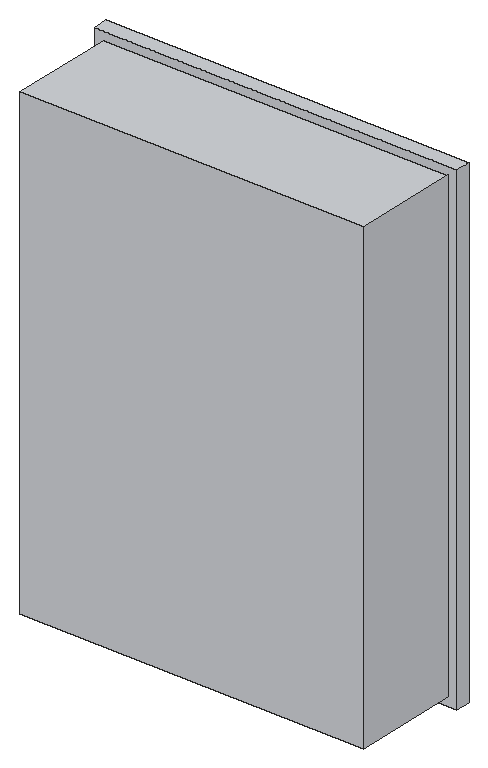
Revit family "Delta Compact Quad", category Electrical Equipment, Revit 2013
Parameters
  Width 2 = Width - 20 mm  # 360 mm
  Width = 380 mm
  Up [instance] = yes
  Symbol Positive Direction [instance] = yes
  Symbol Offset Side [instance] = 0 mm
  Reference Line Out [instance] = 50 mm
  Symbol Offset Out [instance] = 0 mm
  Material = none
  Height 1 = Height - 18 mm  # 490 mm
  Height = 508 mm
  Down [instance] = not(Up)  # no
  Depth = 110 mm
Reference planes
  plane 1 "Center (Front/Back)": y = 0
  plane 2: z = 0
  plane 3 "Center (Left/Right)": x = 0
  plane 4: y = 15
  plane 5: y = -110
  plane 6: x = -190
  plane 7: x = 190
  plane 8: x = -180
  plane 9: x = 180
  plane 10: z = 254
  plane 11: z = -254
  plane 12: z = 245
  plane 13: z = -245
Forms (mm)
  Extrusion 1, solid, material <- "Material"
    sketch origin (0, 0, 0) x (1, 0, 0) y (0, 1, 0)
      loop
        line (-190, 15) -> (-190, 0) -> (190, 0) -> (190, 15) -> (-190, 15)
    from -254 to 254
  Extrusion 2, solid, material <- "Material"
    sketch origin (0, 0, 0) x (1, 0, 0) y (0, 0, 1)
      loop
        line (-180, 245) -> (-180, -245) -> (180, -245) -> (180, 245) -> (-180, 245)
    from 0 to 110
Lines and regions (mm)
  model lines, style "InvisibleLines"
    curve 1: line (0, 0, 0) -> (0, 50, 0)
Dimensions and locks
  equal spacing: plane 6, plane 3 "Center (Left/Right)", plane 7
  locked: plane 4 to plane 1 "Center (Front/Back)" at 15
  "Width": plane 6 to plane 7
  equal spacing: plane 8, plane 3 "Center (Left/Right)", plane 9
  "Width 2": plane 8 to plane 9
  equal spacing: plane 10, plane 2, plane 11
  "Height": plane 10 to plane 11
  equal spacing: plane 12, plane 2, plane 13
  "Height 1": plane 12 to plane 13
  "Depth": plane 5 to plane 1 "Center (Front/Back)"
  "Reference Line Out": plane 1 "Center (Front/Back)" to curve 1
  aligned and locked: level to plane 2
  aligned and locked: Extrusion 1 sketch curve to plane 4
  aligned and locked: plane 6 to Extrusion 1 sketch curve
  aligned and locked: Extrusion 1 sketch curve to plane 1 "Center (Front/Back)"
  aligned and locked: Extrusion 1 sketch curve to plane 7
  aligned and locked: plane 10 to Extrusion 1
  aligned and locked: Extrusion 1 to plane 11
  aligned and locked: Extrusion 2 sketch curve to plane 12
  aligned and locked: plane 8 to Extrusion 2 sketch curve
  aligned and locked: plane 13 to Extrusion 2 sketch curve
  aligned and locked: Extrusion 2 sketch curve to plane 9
  aligned and locked: Extrusion 2 to plane 5
  aligned and locked: plane 3 "Center (Left/Right)" to curve 1
  aligned and locked: plane 1 "Center (Front/Back)" to curve 1
  aligned and locked: plane 3 "Center (Left/Right)" to nested 1
  aligned and locked: plane 1 "Center (Front/Back)" to nested 1
  aligned and locked: plane 3 "Center (Left/Right)" to nested 2
  aligned and locked: plane 1 "Center (Front/Back)" to nested 2
Nested families
  nested 1: "Sentral S up" at (0, 0, 0), visible <- "Up", type "Type 1"
  nested 2: "Sentral S down" at (0, 0, 0), visible <- "Down", type "Type 1"
Connectors
  electrical at (0, 0, 0)
    settings: index 1, voltage 0 V, apparent load 0 VA, apparent load phase1 0 VA, apparent load phase2 0 VA, apparent load phase3 0 VA, power factor 1, load classification "Other", number of poles 1, system type 11, power factor state 1, is connector primary yes, connector utility no, sub classification motor no, connector description ""
Definition of nested family "Sentral S up"
  Parameters (values of type "Type 1")
    CQ Symbol Positive Direction = yes
    CQ Symbol Negative Direction = not(CQ Symbol Positive Direction)  # no
    CQ Symbol Offset Side = 0 mm
    CQ Symbol Offset Out = 0 mm
  Reference planes
    plane 1: y = 0
    plane 2: x = 0
  Dimensions and locks
    "CQ Symbol Offset Side": nested 2 to plane 2
    "CQ Symbol Offset Side": plane 2 to nested 1
    "CQ Symbol Offset Out": plane 1 to nested 1
    "CQ Symbol Offset Out": plane 1 to nested 2
  Nested families
    nested 1: "SentralSub" at (0, 0, 0), visible <- "CQ Symbol Positive Direction", type "Type 1"
    nested 2: "SentralSub" at (0, 0, 0), visible <- "CQ Symbol Negative Direction", type "Type 1"
  Definition of nested family "SentralSub"
    Reference planes
      plane 1: y = 0
      plane 2: x = 0
    Lines and regions (mm)
      detail lines
        curve 1: line (-4, 0, 0) -> (4, 0, 0)
        curve 2: line (4, 0, 0) -> (4, 4, 0)
        curve 3: line (4, 4, 0) -> (-4, 4, 0)
        curve 4: line (-4, 4, 0) -> (-4, 0, 0)
        curve 5: line (-3, 1.126, 0) -> (-2.75, 3.376, 0)
        curve 6: arc (-2.75, 3.376, 0) -> (-3, 3.626, 0) -> (-3.25, 3.376, 0) r 0.25
        curve 7: line (-3.25, 3.376, 0) -> (-3, 1.126, 0)
        curve 8: line (-3, 2.376, 0) -> (-3, 3.376, 0)
        curve 9: circle (-3, 0.649, 0) r 0.25 normal (0, 0, 1)
        curve 10: line (0, 4, 0) -> (0, 0, 0)
    Text (mm)
      text "S" at (2.157, 3.028, 0)
Definition of nested family "Sentral S down"
  Parameters (values of type "Type 1")
    CQ Symbol Positive Direction = yes
    CQ Symbol Negative Direction = not(CQ Symbol Positive Direction)  # no
    CQ Symbol Offset Side = 0 mm
    CQ Symbol Offset Out = 0 mm
  Reference planes
    plane 1: y = 0
    plane 2: x = 0
  Dimensions and locks
    "CQ Symbol Offset Out": plane 1 to nested 1
    "CQ Symbol Offset Out": plane 1 to nested 2
    "CQ Symbol Offset Side": plane 2 to nested 2
    "CQ Symbol Offset Side": nested 1 to plane 2
  Nested families
    nested 1: "SentralSub" at (0, 0, 0), visible <- "CQ Symbol Negative Direction", type "Type 1"
    nested 2: "SentralSub" at (0, 0, 0), visible <- "CQ Symbol Positive Direction", type "Type 1"
  Definition of nested family "SentralSub"
    Reference planes
      plane 1: y = 0
      plane 2: x = 0
    Lines and regions (mm)
      detail lines
        curve 1: line (-4, 4, 0) -> (4, 4, 0)
        curve 2: line (4, 4, 0) -> (4, 0, 0)
        curve 3: line (4, 0, 0) -> (-4, 0, 0)
        curve 4: line (-4, 0, 0) -> (-4, 4, 0)
        curve 5: line (3, 2.874, 0) -> (2.75, 0.624, 0)
        curve 6: arc (2.75, 0.624, 0) -> (3, 0.374, 0) -> (3.25, 0.624, 0) r 0.25
        curve 7: line (3.25, 0.624, 0) -> (3, 2.874, 0)
        curve 8: line (3, 1.624, 0) -> (3, 0.624, 0)
        curve 9: circle (3, 3.351, 0) r 0.25 normal (0, 0, 1)
        curve 10: line (0, 0, 0) -> (0, 4, 0)
    Text (mm)
      text "S" at (-3.171, 0.972, 0)
